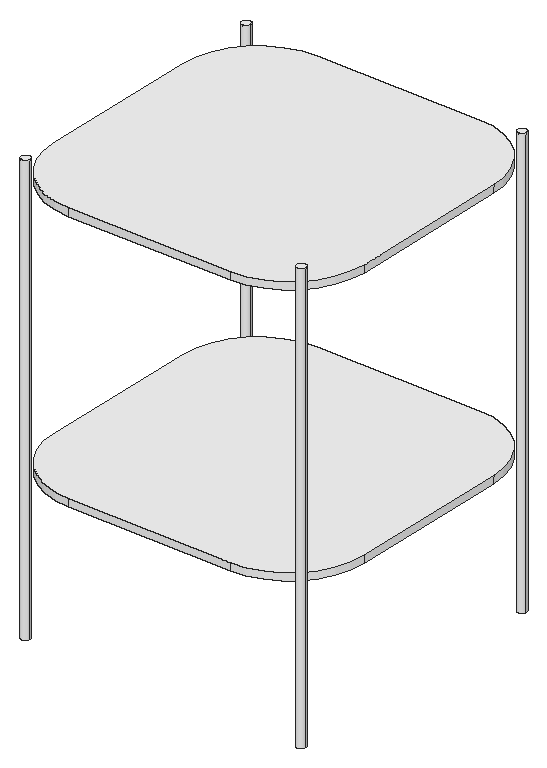
Revit family "NBS_Allermuir_OffcStrg_Mozaik", category Furniture, Revit 2016
Family settings
  Work Plane-Based = No
  Always vertical = Yes
  Cut with Voids When Loaded = No
  Shared = No
  Room Calculation Point = No
Parameters (values of type "MZKLSS")
  WorksurfaceArea = 0.00 m²
  WarrantyStartDate [instance] = "1900-12-31T23:59:59"
  WarrantyGuarantorParts = "sales@allermuir.com"
  WarrantyGuarantorLabor = "n/a"
  WarrantyDurationUnit = "year"
  WarrantyDurationParts = "5"
  WarrantyDurationLabor = "n/a"
  WarrantyDescription = "Allermuir warrant that its manufactured products are free from manufacturing defects in materials or workmanship for a period of five years"
  Version = "1"  # constant formula
  Uniclass2015Version = "Products v1.9"
  Uniclass2015Title = "Office storage units"
  Uniclass2015Code = "Pr_40_30_78_57"
  TagNumber [instance] = "n/a"
  SustainabilityPerformance = "n/a"
  Style = "n/a"
  StorageUnits = "Office shelving"
  Status = "UNSET"
  Size = "430 x 430 x 595 mm"
  ShelfMaterial = NBS_Concept
  Shape = "n/a"
  SerialNumber [instance] = "n/a"
  Revision = "n/a"
  ReplacementCost = "n/a"
  Reference = "n/a"
  ProductInformation = "http://www.thesenatorgroup.com/FamilyDocuments/791/Allermuir_SPEC_2017_MozaikStorage.pdf"
  NumberOfChairs = 0
  NominalWidth = 860 mm
  NominalLength = 430 mm
  NominalHeight = 595 mm
  NominalDepth = 430 mm
  Name = "OfficeStorage_Mozaik_MZKLSS_Allermuir"
  NBSReference = "45-35-80/360"
  NBSDescription = "Office storage"
  NBSCertification = "www.nationalbimlibrary.com/cert/x0jtchxm"
  ModelReference = "Mozaik office"
  ModelNumber = "MZKLSS"
  Material = "n/a"
  ManufacturerURL = "http://www.thesenatorgroup.com"
  ManufacturerName = "Allermuir"  # constant formula
  Manufacturer = "sales@allermuir.com"
  MainColor = "Black"
  LegMaterial = NBS_Concept
  IsBuiltIn = no
  IntegralAccessories = "Plastic glides"
  InstallationDate [instance] = "1900-12-31T23:59:59"
  IfcExportType = "NOTDEFINED"  # constant formula
  IfcExportAs = "IfcFurnitureType"  # constant formula
  High = not(NominalHeight < 1000 mm)  # no
  Grade = "n/a"
  FrameFinishOptions = "Black, white, coral or pebble powder coat"
  Finish = "n/a"
  Features = "Laminate faced MDF core surface available in matt white or black, edge profile is stained to match the laminate top, wire frame finished in black powder coat, plastic glides, wire frame available in white, coral or pebble powder coat"
  ExpectedLife = "5"
  EnvironmentalProductDeclaration = "http://www.thesenatorgroup.com/FamilyDocuments/791/ALLERMUIR_EPA_2017_Mozaik%20Storage.pdf"
  DurationUnit = "year"
  Description = "Low square storage"
  Constituents = "n/a"
  Color = "n/a"
  CodePerformance = "BS EN 14073-2&3: 2004"
  Category = "Pr_40_30_78_57:Office storage units"
  BarCode [instance] = "n/a"
  BIMObjectName = "NBS_Allermuir_OfficeStorage_Mozaik_MZKLSS"
  Author = "NBS"  # constant formula
  AssetType = "Moveable"
  AssetIdentifier [instance] = "n/a"
  AccessibilityPerformance = "n/a"
Types (5, lengths in mm): name | Size | NominalLength | NominalHeight | NominalDepth | Name | ModelNumber | High | Description | BIMObjectName
  (no name) | "430 x 430 x 1175 mm" | 430 | 1175 | 430 | "OfficeStorage_Mozaik_MZKHSS_Allermuir" | "MZKHSS" | yes | "High square storage" | "NBS_Allermuir_OfficeStorage_Mozaik_MZKHSS"
  MZKLT | "860 x 430 x 595 mm" | 860 | 395 | 860 | "OfficeStorage_Mozaik_MZKLRS_Allermuir" | "MZKLRS" | no | "Low rectangular storage" | "NBS_Allermuir_OfficeStorage_Mozaik_MZKLRS"
  MZKLSS | "430 x 430 x 595 mm" | 430 | 595 | 430 | "OfficeStorage_Mozaik_MZKLSS_Allermuir" | "MZKLSS" | no | "Low square storage" | "NBS_Allermuir_OfficeStorage_Mozaik_MZKLSS"
  MZKHSS | "430 x 430 x 1175 mm" | 430 | 1175 | 430 | "OfficeStorage_Mozaik_MZKHSS_Allermuir" | "MZKHSS" | yes | "High square storage" | "NBS_Allermuir_OfficeStorage_Mozaik_MZKHSS"
  MZKLRS | "860 x 430 x 595 mm" | 860 | 595 | 430 | "OfficeStorage_Mozaik_MZKLRS_Allermuir" | "MZKLRS" | no | "Low rectangular storage" | "NBS_Allermuir_OfficeStorage_Mozaik_MZKLRS"
Reference planes
  plane 1 "Center (Front/Back)": y = 0
  plane 2: z = 0
  plane 3 "Center (Left/Right)": x = 0
  plane 4: y = 215
  plane 5: y = -215
  plane 6: x = 215
  plane 7: x = -215
  plane 8: z = 595
  plane 9 "BtmShelf": z = 200.038
  plane 10 "TopShelf": z = 561.007
  plane 11: z = 210.038
  plane 12: z = 571.007
  plane 13 "HighShlf1": z = 560.038
  plane 14 "HighShlf2": z = 790.038
  plane 15: z = 800.038
  plane 16: z = 570.038
Forms (mm)
  Extrusion 1, solid, material "NBS_Concept" <- "ShelfMaterial", detail levels coarse
    sketch origin (0, 0, 200.038) x (0, -1, 0) y (1, 0, 0)
      loop
        line (-215, -215) -> (215, -215) -> (215, 215) -> (-215, 215) -> (-215, -215)
    from 0 to 10
  Extrusion 2, solid, material "NBS_Concept" <- "ShelfMaterial", detail levels coarse
    sketch origin (0, 0, 561.007) x (0, -1, 0) y (1, 0, 0)
      loop
        line (-215, -215) -> (215, -215) -> (215, 215) -> (-215, 215) -> (-215, -215)
    from 0 to 10
  Extrusion 3, solid, material "NBS_Concept" <- "LegMaterial"
    sketch origin (0, 0, 0) x (1, 0, 0) y (0, 1, 0)
      loop
        circle (-191.031, 191.026) r 6
      loop
        circle (191.031, 191.026) r 6
      loop
        circle (-191.031, -191.026) r 6
      loop
        circle (191.031, -191.026) r 6
    from 0 to 595
  Extrusion 4, solid, material "NBS_Concept" <- "ShelfMaterial", detail levels medium+fine
    sketch origin (0, 0, 200.038) x (0, -1, 0) y (1, 0, 0)
      loop
        arc (-215, -112) -> (-184.832, -184.832) -> (-112, -215) r 103
        line (-112, -215) -> (112.192, -215)
        arc (112.192, -215) -> (184.888, -184.888) -> (215, -112.192) r 102.808
        line (215, -112.192) -> (215, 112)
        arc (215, 112) -> (184.832, 184.832) -> (112, 215) r 103
        line (112, 215) -> (-112.34, 215)
        arc (-112.34, 215) -> (-184.932, 184.932) -> (-215, 112.34) r 102.66
        line (-215, 112.34) -> (-215, -112)
    from 0 to 10
  Extrusion 5, solid, material "NBS_Concept" <- "ShelfMaterial", detail levels medium+fine
    sketch origin (0, 0, 560.201) x (0, -1, 0) y (1, 0, 0)
      loop
        arc (-215, -112) -> (-184.832, -184.832) -> (-112, -215) r 103
        line (-112, -215) -> (112.192, -215)
        arc (112.192, -215) -> (184.888, -184.888) -> (215, -112.192) r 102.808
        line (215, -112.192) -> (215, 112)
        arc (215, 112) -> (184.832, 184.832) -> (112, 215) r 103
        line (112, 215) -> (-112.34, 215)
        arc (-112.34, 215) -> (-184.932, 184.932) -> (-215, 112.34) r 102.66
        line (-215, 112.34) -> (-215, -112)
    from 0.806 to 10.806
  Extrusion 6, solid, material "NBS_Concept" <- "ShelfMaterial", visible <- "High", detail levels coarse
    sketch origin (0, 0, 560.038) x (0, -1, 0) y (1, 0, 0)
      loop
        line (-215, -215) -> (215, -215) -> (215, 215) -> (-215, 215) -> (-215, -215)
    from 0 to 10
  Extrusion 7, solid, material "NBS_Concept" <- "ShelfMaterial", visible <- "High", detail levels coarse
    sketch origin (0, 0, 790.038) x (0, -1, 0) y (1, 0, 0)
      loop
        line (-215, -215) -> (215, -215) -> (215, 215) -> (-215, 215) -> (-215, -215)
    from 0 to 10
  Extrusion 8, solid, material "NBS_Concept" <- "ShelfMaterial", visible <- "High", detail levels medium+fine
    sketch origin (0, 0, 560.038) x (0, -1, 0) y (1, 0, 0)
      loop
        arc (-215, -112) -> (-184.832, -184.832) -> (-112, -215) r 103
        line (-112, -215) -> (112.192, -215)
        arc (112.192, -215) -> (184.888, -184.888) -> (215, -112.192) r 102.808
        line (215, -112.192) -> (215, 112)
        arc (215, 112) -> (184.832, 184.832) -> (112, 215) r 103
        line (112, 215) -> (-112.34, 215)
        arc (-112.34, 215) -> (-184.932, 184.932) -> (-215, 112.34) r 102.66
        line (-215, 112.34) -> (-215, -112)
    from 0 to 10
  Extrusion 9, solid, material "NBS_Concept" <- "ShelfMaterial", visible <- "High", detail levels medium+fine
    sketch origin (0, 0, 790.038) x (0, -1, 0) y (1, 0, 0)
      loop
        arc (-215, -112) -> (-184.832, -184.832) -> (-112, -215) r 103
        line (-112, -215) -> (112.192, -215)
        arc (112.192, -215) -> (184.888, -184.888) -> (215, -112.192) r 102.808
        line (215, -112.192) -> (215, 112)
        arc (215, 112) -> (184.832, 184.832) -> (112, 215) r 103
        line (112, 215) -> (-112.34, 215)
        arc (-112.34, 215) -> (-184.932, 184.932) -> (-215, 112.34) r 102.66
        line (-215, 112.34) -> (-215, -112)
    from 0 to 10
Dimensions and locks
  locked: plane 11 to plane 9 "BtmShelf" at 10
  locked: plane 12 to plane 10 "TopShelf" at 10
  "NominalHeight": plane 8 to plane 2
  equal spacing: plane 5, plane 1 "Center (Front/Back)", plane 4
  equal spacing: plane 7, plane 3 "Center (Left/Right)", plane 6
  "NominalLength": plane 7 to plane 6
  "NominalDepth": plane 5 to plane 4
  plane 8 to plane 10 "TopShelf" = 33.993 mm
  plane 15 to plane 14 "HighShlf2" = 10 mm
  plane 16 to plane 13 "HighShlf1" = 10 mm
  radius of Extrusion 3 sketch curve = 6 mm  (x4)
  radius of Extrusion 4 sketch curve = 102.66 mm
  radius of Extrusion 4 sketch curve = 103 mm  (x2)
  radius of Extrusion 4 sketch curve = 102.808 mm
  radius of Extrusion 5 sketch curve = 102.66 mm
  radius of Extrusion 5 sketch curve = 103 mm  (x2)
  radius of Extrusion 5 sketch curve = 102.808 mm
  radius of Extrusion 8 sketch curve = 102.66 mm
  radius of Extrusion 8 sketch curve = 103 mm  (x2)
  radius of Extrusion 8 sketch curve = 102.808 mm
  radius of Extrusion 9 sketch curve = 102.66 mm
  radius of Extrusion 9 sketch curve = 103 mm  (x2)
  radius of Extrusion 9 sketch curve = 102.808 mm
  aligned and locked: level to plane 2
  aligned and locked: plane 7 to Extrusion 1 sketch curve
  aligned and locked: Extrusion 1 sketch curve to plane 5
  aligned and locked: Extrusion 2 to plane 12
  aligned and locked: plane 10 "TopShelf" to Extrusion 2
  aligned and locked: Extrusion 1 to plane 11
  aligned and locked: plane 9 "BtmShelf" to Extrusion 1
  aligned and locked: Extrusion 3 to level
  aligned and locked: plane 8 to Extrusion 3
  aligned and locked: plane 4 to Extrusion 4 sketch curve
  aligned and locked: plane 7 to Extrusion 4 sketch curve
  aligned and locked: Extrusion 4 sketch curve to plane 5
  aligned and locked: Extrusion 4 sketch curve to plane 6
  aligned and locked: plane 9 "BtmShelf" to Extrusion 4
  aligned and locked: Extrusion 4 to plane 11
  aligned and locked: plane 10 "TopShelf" to Extrusion 5
  aligned and locked: Extrusion 5 to plane 12
  aligned and locked: Extrusion 6 to plane 16
  aligned and locked: plane 13 "HighShlf1" to Extrusion 6
  aligned and locked: Extrusion 7 to plane 15
  aligned and locked: plane 14 "HighShlf2" to Extrusion 7
  aligned and locked: Extrusion 9 to plane 15
  aligned and locked: plane 14 "HighShlf2" to Extrusion 9
  aligned and locked: Extrusion 8 to plane 16
  aligned and locked: plane 13 "HighShlf1" to Extrusion 8
Automatic sketch dimensions
  plane 4 to Extrusion 1 sketch curve = 0 mm
  Extrusion 1 sketch curve to plane 6 = 0 mm
  plane 4 to Extrusion 2 sketch curve = 0 mm
  plane 5 to Extrusion 2 sketch curve = 0 mm
  Extrusion 2 sketch curve to plane 7 = 0 mm
  Extrusion 2 sketch curve to plane 6 = 0 mm
  plane 7 to Extrusion 3 sketch curve = 23.969 mm  (x2)
  Extrusion 3 sketch curve to plane 6 = 23.969 mm  (x2)
  Extrusion 3 sketch curve to plane 5 = 23.974 mm  (x2)
  plane 4 to Extrusion 3 sketch curve = 23.974 mm  (x2)
  plane 4 to Extrusion 5 sketch curve = 0 mm
  Extrusion 5 sketch curve to plane 6 = 0 mm
  Extrusion 5 sketch curve to plane 7 = 0 mm
  plane 5 to Extrusion 5 sketch curve = 0 mm
  plane 4 to Extrusion 6 sketch curve = 0 mm
  plane 5 to Extrusion 6 sketch curve = 0 mm
  Extrusion 6 sketch curve to plane 7 = 0 mm
  Extrusion 6 sketch curve to plane 6 = 0 mm
  plane 4 to Extrusion 7 sketch curve = 0 mm
  plane 5 to Extrusion 7 sketch curve = 0 mm
  Extrusion 7 sketch curve to plane 7 = 0 mm
  Extrusion 7 sketch curve to plane 6 = 0 mm
  plane 4 to Extrusion 8 sketch curve = 0 mm
  Extrusion 8 sketch curve to plane 6 = 0 mm
  Extrusion 8 sketch curve to plane 7 = 0 mm
  plane 5 to Extrusion 8 sketch curve = 0 mm
  plane 4 to Extrusion 9 sketch curve = 0 mm
  Extrusion 9 sketch curve to plane 6 = 0 mm
  Extrusion 9 sketch curve to plane 7 = 0 mm
  plane 5 to Extrusion 9 sketch curve = 0 mm
